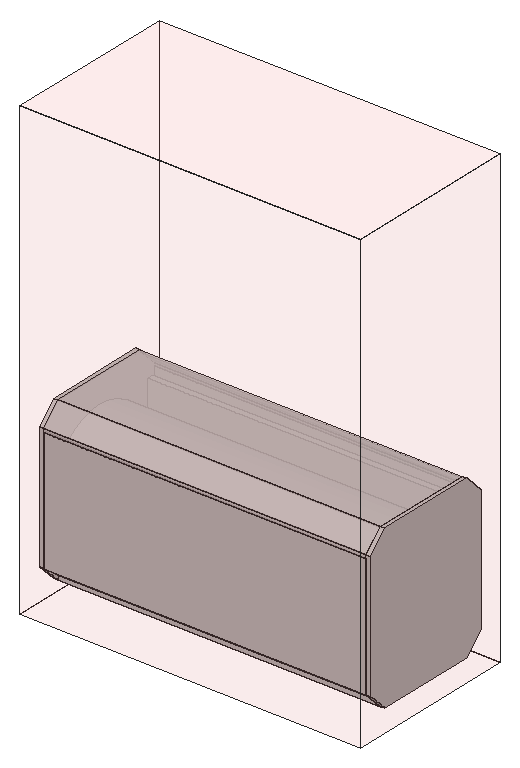
Revit family "Air-Curtain_Vestibule-Except_PoweredAire_ETA", category Mechanical Equipment, host Face, Revit 2017
Family settings
  Host = Face
  Round Connector Dimension = Use Diameter
  Part Type = Normal
  OmniClass Number = 23.75.35.17.21
  OmniClass Title = Air Curtains
  Cut with Voids When Loaded = No
  Shared = No
  Room Calculation Point = No
Parameters
  Warranty Duration (Years) = 0
  Unit Width Notes = "Other Widths available."  # constant formula
  Unit Width = 3' - 0"
  Unit Weight = 0
  Unit Height = 1' - 3"
  Unit Depth = 1' - 5 1/2"
  URL = "http://www.poweredaire.com/"
  Test Data = ""
  Standards Conformance = "as Specified"
  Specification = "http://www.arcat.com/sdspecs/htm04/23_34_33pai.htm"
  SpecWizard = ""
  Sound Pressure = "as Specified"
  Sales Information = "http://www.poweredaire.com/contact_us"
  Revision = "R1_2016-08"
  Projection from Host [instance] = 0' - 2"
  Product Properties = ""
  Product Data = "http://www.arcat.com/arcatcos/cos47/arc47623.html"
  Power Rating = 0 W
  Nozzle Width = if(1 = 1, Unit Width - 0' 1", 0' 0")  # 2' - 11"
  Mounting Width = if(1 = 1, Unit Width - 0' 0 15/16", 0' 0")  # 2' - 11 1/16"
  Mounting Height [instance] = 3' - 6"
  Motor RPM = 0
  Motor HP = 0
  Motor Count = 0
  Model = "As Specified"
  Max Height = 0' - 0"
  Manufacturer Website = "http://www.poweredaire.com/"
  Manufacturer Phone - Toll Free = "888-321-2473"
  Manufacturer Phone = "724-588-3305"
  Manufacturer Fax = "724-588-3371"
  Manufacturer Address = "109 Mortensen Rd.  Greenville, PA 16125"
  Manufacturer = "Powered Aire, Inc"
  Maintenance Schedule (Months) = 0
  Keynote = "23 34 33"
  Installation-Fabrication = ""
  Installation Phase = ""
  Include Clearance [instance] = yes
  Heating Element Load = 0 W
  HVAC_Temperature Rise = 0 °F
  HVAC_Outlet Volume = 0 CFM
  HVAC_Outlet Velocity Uniformity = 0
  HVAC_Outlet Velocity = 0 FPM
  Green Building-LEED = "http://www.arcat.com/green/clients/leed_data_47623.html"
  Front Grating Material [instance] = Metal - Steel - PoweredAire - Stainless 304 Perforated
  Frame Finish [instance] = Metal - Steel - PoweredAire - Stainless 304
  Expected Lifespan (Years) = 0
  Electrical_Wattage [instance] = Power Rating + Heating Element Load  # 0 W
  Electrical_Voltage [instance] = 0 V
  Electrical_Phase [instance] = 1
  Electrical_Frequency [instance] = 0 Hz
  Electrical_Amperage [instance] = 0 A
  Drawn By = "Sumex Design, Inc. / Robert S. Weygant, CSI, CDT, SCIP"
  Description = "Powered Aire Air Curtain as Specified"
  Default Elevation = 0' - 0"  # constant formula
  Copyright = "©Arcat Inc."
  Construction Details = "http://www.arcat.com/details/powair/prod3336.html"
  Clearance_Top [instance] = 0' - 2"
  Clearance_Side B [instance] = 0' - 0 1/2"
  Clearance_Side A [instance] = 0' - 0 1/2"
  Clearance_Intake [instance] = 2' - 6"
  Clearance_Bottom [instance] = 0' - 2"
  Clearance Material [instance] = ARCAT Clearance
  Building Codes = ""
  Available Options [instance] = "as Specified"
  Assembly Code = "D3090400"
Reference planes (in)
  plane 1 "Center (Elevation)": y = 0.13818
  plane 2: z = 0
  plane 3 "Center (Left/Right)": x = 0
  plane 4: y = 7.63818
  plane 5: y = -7.36182
  plane 6: x = -18
  plane 7: x = 18
  plane 8: z = 19.5
  plane 9 "FF": y = -41.86182
  plane 10: z = 2
  plane 11: x = 17.5
  plane 12: x = -17.5
  plane 13: y = 9.63818
  plane 14: y = -9.36182
  plane 15: x = -18.5
  plane 16: x = 18.5
  plane 17: z = 49.5
Forms (in)
  Extrusion 1, solid, material "Metal - Steel - PoweredAire - Stainless 304" <- "Frame Finish"
    sketch origin (0, 0, 0) x (0, 1, 0) y (0, 0, 1)
      loop
        line (5.69363, 2) -> (7.63818, 3.94454) -> (7.63818, 17.55546) -> (5.69363, 19.5) -> (-5.41728, 19.5) -> (-7.36182, 17.55546) -> (-7.36182, 3.94454) -> (-5.41728, 2) -> (5.69363, 2)
    from 17.5 to 18
  Extrusion 2, solid, material "Metal - Steel - PoweredAire - Stainless 304" <- "Frame Finish"
    sketch origin (0, 0, -0.5) x (0, 1, 0) y (0, 0, 1)
      loop
        circle (0.13818, 10.9739) r 6.25
      loop
        line (6.63818, 16.89427) -> (6.63818, 5.87829) -> (7.33849, 5.87829) -> (7.33849, 16.89427) -> (6.63818, 16.89427)
      loop
        line (-7.02798, 16.76927) -> (-7.02798, 5.75329) -> (-6.36182, 5.75329) -> (-6.36182, 16.76927) -> (-7.02798, 16.76927)
    from -17.5 to 17.5
  Extrusion 3, solid, material "Metal - Steel - PoweredAire - Stainless 304" <- "Frame Finish"
    sketch origin (0, 0, 0) x (0, 1, 0) y (0, 0, -1)
      loop
        line (5.69363, -2) -> (-5.41728, -2) -> (-7.36182, -3.94454) -> (-7.36182, -17.55546) -> (-5.41728, -19.5) -> (5.69363, -19.5) -> (7.63818, -17.55546) -> (7.63818, -3.94454) -> (5.69363, -2)
    from 17.5 to 18
  Extrusion 4, solid, material "Metal - Steel - PoweredAire - Stainless 304" <- "Frame Finish"
    sketch origin (0, 0, 0) x (0, 1, 0) y (0, 0, 1)
      loop
        line (-5.41728, 2) -> (5.69363, 2) -> (7.63818, 3.94454) -> (7.63818, 17.19454) -> (7.51318, 17.19454) -> (7.51318, 3.99632) -> (5.64186, 2.125) -> (-5.29228, 2.125) -> (-5.29228, 4.06954) -> (-7.23682, 4.06954) -> (-7.23682, 17.19454) -> (-7.36182, 17.19454) -> (-7.36182, 3.94454) -> (-5.41728, 3.94454) -> (-5.41728, 2)
      loop
        line (-6.64819, 3.61034) -> (-5.8702, 2.83235) -> (-5.74472, 2.95783) -> (-6.52271, 3.73583) -> (-6.64819, 3.61034)
    from -17.5 to 17.5
  Extrusion 5, solid, material "Metal - Steel - PoweredAire - Stainless 304 Perforated" <- "Front Grating Material"
    sketch origin (0, 0, 0) x (0, 1, 0) y (0, 0, 1)
      loop
        line (-7.36182, 17.19454) -> (-7.23682, 17.19454) -> (-7.23682, 17.50368) -> (-5.3655, 19.375) -> (5.64186, 19.375) -> (7.51318, 17.50368) -> (7.51318, 17.19454) -> (7.63818, 17.19454) -> (7.63818, 17.55546) -> (5.69363, 19.5) -> (-5.41728, 19.5) -> (-7.36182, 17.55546) -> (-7.36182, 17.19454)
    from -17.5 to 17.5
  Extrusion 6, solid, material "ARCAT Clearance" <- "Clearance Material", visible <- "Include Clearance"
    sketch origin (0, 0, 0) x (0, 1, 0) y (0, 0, 1)
      loop
        line (-9.36182, 49.5) -> (-9.36182, 0) -> (9.63818, 0) -> (9.63818, 49.5) -> (-9.36182, 49.5)
    from -18.5 to 18.5
Dimensions and locks (in)
  equal spacing: plane 4, plane 1 "Center (Elevation)", plane 5
  "Unit Height": plane 4 to plane 5
  equal spacing: plane 6, plane 3 "Center (Left/Right)", plane 7
  "Unit Width": plane 6 to plane 7
  "Mounting Height": plane 1 "Center (Elevation)" to plane 9 "FF"
  "Projection from Host": plane 10 to level
  "Unit Depth": plane 8 to plane 10
  locked: plane 6 to plane 12 at 0.5
  locked: plane 11 to plane 7 at 0.5
  "Clearance_Side A": plane 7 to plane 16
  "Clearance_Side B": plane 15 to plane 6
  "Clearance_Top": plane 13 to plane 4
  "Clearance_Bottom": plane 5 to plane 14
  "Clearance_Intake": plane 17 to plane 8
  aligned and locked: plane 2 to host face
  aligned and locked: level to host face
  aligned and locked: plane 7 to Extrusion 1
  aligned and locked: Extrusion 1 to plane 11
  aligned and locked: plane 12 to Extrusion 3
  aligned and locked: Extrusion 3 to plane 6
  aligned and locked: Extrusion 2 to plane 12
  aligned and locked: plane 11 to Extrusion 2
  aligned and locked: plane 11 to Extrusion 4
  aligned and locked: Extrusion 4 to plane 12
  aligned and locked: plane 11 to Extrusion 5
  aligned and locked: Extrusion 5 to plane 12
  aligned and locked: Extrusion 6 sketch curve to plane 17
  aligned and locked: plane 14 to Extrusion 6 sketch curve
  aligned and locked: level to Extrusion 6 sketch curve
  aligned and locked: Extrusion 6 sketch curve to plane 13
  aligned and locked: plane 16 to Extrusion 6
  aligned and locked: Extrusion 6 to plane 15
Automatic sketch dimensions
  host sketch curve to host sketch curve = 8' - 0"  (x2)
  Extrusion 1 sketch curve to plane 5 = 0' - 0"
  Extrusion 1 sketch curve to plane 8 = 0' - 0"
  Extrusion 1 sketch curve to plane 10 = 0' - 0"
  Extrusion 1 sketch curve to plane 4 = 0' - 0"
  plane 5 to Extrusion 1 sketch curve = 0' - 1.94454"  (x2)
  Extrusion 1 sketch curve to plane 4 = 0' - 1.94454"  (x2)
  plane 10 to Extrusion 1 sketch curve = 0' - 1.94454"  (x2)
  Extrusion 1 sketch curve to plane 8 = 0' - 1.94454"  (x2)
  Extrusion 2 sketch curve to plane 1 "Center (Elevation)" = 0' - 0"
  plane 5 to Extrusion 2 sketch curve = 0' - 1"
  plane 5 to Extrusion 2 sketch curve = 0' - 0.33384"
  Extrusion 2 sketch curve to plane 4 = 0' - 1"
  Extrusion 2 sketch curve to plane 4 = 0' - 0.29969"
  plane 10 to Extrusion 2 sketch curve = 0' - 3.37829"
  plane 10 to Extrusion 2 sketch curve = 0' - 3.25329"
  Extrusion 2 sketch curve to plane 8 = 0' - 9.0261"
  Extrusion 2 sketch curve to plane 8 = 0' - 3.23073"
  Extrusion 2 sketch curve to plane 8 = 0' - 3.10573"
  Extrusion 3 sketch curve to plane 5 = 0' - 0"
  Extrusion 3 sketch curve to plane 8 = 0' - 0"
  Extrusion 3 sketch curve to plane 10 = 0' - 0"
  Extrusion 3 sketch curve to plane 4 = 0' - 0"
  plane 5 to Extrusion 3 sketch curve = 0' - 1.94454"  (x2)
  Extrusion 3 sketch curve to plane 4 = 0' - 1.94454"  (x2)
  Extrusion 3 sketch curve to plane 8 = 0' - 1.94454"  (x2)
  plane 10 to Extrusion 3 sketch curve = 0' - 1.94454"  (x2)
  Extrusion 4 sketch curve to plane 5 = 0' - 0"
  Extrusion 4 sketch curve to plane 10 = 0' - 0"
  Extrusion 4 sketch curve to plane 4 = 0' - 0"
  plane 5 to Extrusion 4 sketch curve = 0' - 0 1/8"
  plane 5 to Extrusion 4 sketch curve = 0' - 0.71363"
  Extrusion 4 sketch curve to Extrusion 4 sketch curve = 0' - 0.12548"  (x2)
  Extrusion 4 sketch curve to Extrusion 4 sketch curve = 0' - 0.778"
  Extrusion 4 sketch curve to Extrusion 4 sketch curve = 0' - 0.32744"
  Extrusion 4 sketch curve to Extrusion 4 sketch curve = 0' - 0 1/8"  (x2)
  plane 10 to Extrusion 4 sketch curve = 0' - 0 1/8"
  Extrusion 4 sketch curve to plane 4 = 0' - 1.99632"
  Extrusion 4 sketch curve to Extrusion 4 sketch curve = 0' - 0.05178"  (x2)
  plane 10 to Extrusion 4 sketch curve = 0' - 0.83235"
  plane 10 to Extrusion 4 sketch curve = 0' - 1.94454"
  Extrusion 4 sketch curve to Extrusion 4 sketch curve = 0' - 0.3342"
  Extrusion 4 sketch curve to plane 4 = 0' - 0 1/8"
  Extrusion 4 sketch curve to plane 8 = 0' - 2.30546"  (x2)
  Extrusion 5 sketch curve to plane 5 = 0' - 0"
  Extrusion 5 sketch curve to plane 8 = 0' - 0"
  Extrusion 5 sketch curve to plane 4 = 0' - 0"
  plane 5 to Extrusion 5 sketch curve = 0' - 0 1/8"
  plane 5 to Extrusion 5 sketch curve = 0' - 1.94454"
  Extrusion 5 sketch curve to plane 8 = 0' - 0 1/8"
  Extrusion 5 sketch curve to Extrusion 5 sketch curve = 0' - 0.05178"  (x4)
  Extrusion 5 sketch curve to plane 4 = 0' - 1.99632"
  Extrusion 5 sketch curve to plane 8 = 0' - 1.94454"  (x2)
  Extrusion 5 sketch curve to Extrusion 5 sketch curve = 0' - 0 1/8"
  Extrusion 5 sketch curve to Extrusion 5 sketch curve = 0' - 0.30914"  (x2)
  radius of Extrusion 2 sketch curve = 0' - 6 1/4"
Connectors (in)
  electrical at (0, 7.63818, 10.56954), driven by "Electrical_Phase", driven by "Electrical_Voltage"
    settings: on Extrusion 4, index 1, voltage 0 V, apparent load 0 VA, apparent load phase1 0 VA, apparent load phase2 0 VA, apparent load phase3 0 VA, power factor 1, load classification "Motor", number of poles 1, system type 31, power factor state 1, is connector primary yes, connector utility no, sub classification motor no, connector description ""
